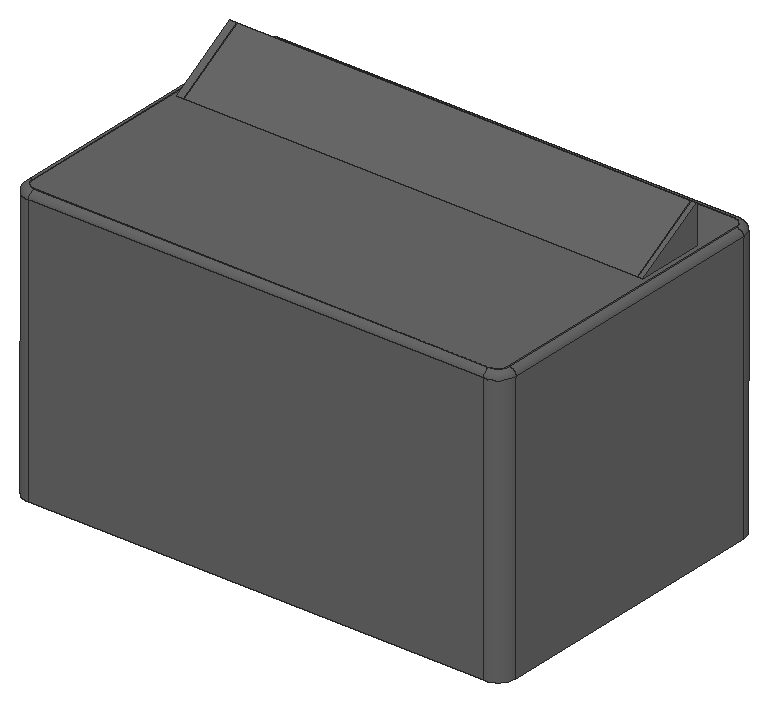
Revit family "Domotics-DomesticRanges-GEWISS-SYSTEM_CLIMATE-BADGE", category Apparecchi elettrici, host Superficie, Revit 2016
Family settings
  Host = Superficie
  Mantenere orientamento annotazione = Sì
  Tipo di parte = Normale
  Quota connettore circolare = Usa diametro
  Taglio con vuoti quando caricato = No
  Condiviso = Sì
  Punto di calcolo locali = Sì
Parameters (values of type "GW21820 - BADGE-OPERATED MECH.SWITCH 3M SY/BK")
  Volt = 230 V
  Vista in pianta [instance] = yes
  Version file RFA = "19.4"
  URL = "https://www.gewiss.com/ww/en"
  Type: = ""
  Type = "Backlit 230V ac"
  Technical sheet = "https://www.gewiss.com/ww/en/search?q=GW21820"
  TIPI = System Badge 2M_GENERICO : GW21820 Interruttore badge elettromeccanico 3m nero
  Simbolo [instance] = yes
  SEO = "Badge switch"
  Realized by GEWISS S.p.A. = ""
  Default Elevation = 1219.2 mm
  Produttore = "GEWISS S.p.A."
  Offset presa [instance] = 0 mm
  Offset bidimensionale [instance] = 39 mm
  No. SYSTEM modules = "3"
  N. poli = 1
  Modello = "GW21820"
  Immagine tipo = GW21820.jpg
  IFC.TypeObject = ""
  IFC.ExportType = ""
  IFC.ExportAs = ""
  IDT = "fd40509d-d89a-4fbe-8451-8eb0a4c867b6"
  IDF = "07d50240-89e3-4f70-98c3-3c3d2f852a10"
  For badge card max. width = "54MM"
  Electrocod = "0130                "
  EAN code = "8011564129658"
  Distanza_x [instance] = 0 mm
  Distanza_effettiva_y [instance] = 100 mm
  Distanza_effettiva_x [instance] = 1000 mm - Distanza_x  # 1000 mm
  Distanza orizzontale del simbolo [instance] = 95.971 mm
  Distanza dal muro [instance] = 4.208 mm
  Descrizione = "BADGE-OPERATED MECH.SWITCH 3M SY/BK"
  Description: = "1P NO - 10A"
  Description. = "Badge switch"
  Colour = "Black"
  Catalogue Range = "SYSTEM - DOMESTIC RANGE"
  Catalogue = "DOMOTICS"
  Carico apparente = 0 VA
  COBie.Tagnumber = ""
  COBie.CreatedOn = ""
  COBie.CreatebBy = ""
  COBie.ComponentRegisterItemID = ""
  COBie.Component.TagNumber = ""
  COBie.Component.Space = ""
  COBie.Component.SerialNumber = ""
  COBie.Component.InstallationDate = ""
  COBie.Component.Description = ""
  COBie.Component.BarCode = ""
Types (2, lengths in mm): name | Type: | Technical sheet | TIPI | Modello | Immagine tipo | IDT | EAN code | Descrizione | Colour
  GW20820 - BADGE-OPERATED MECH.SWITCH 3M SY/WT | "Badge" | "https://www.gewiss.com/ww/en/search?q=GW20820" | System Badge 2M_GENERICO : GW20820 Interruttore badge elettromeccanico 3M bianco | "GW20820" | GW20820.jpg | "005b4336-2df3-41f9-8f05-41c7d8cdddb2" | "8011564081161" | "BADGE-OPERATED MECH.SWITCH 3M SY/WT" | "White"
  GW21820 - BADGE-OPERATED MECH.SWITCH 3M SY/BK | "" | "https://www.gewiss.com/ww/en/search?q=GW21820" | System Badge 2M_GENERICO : GW21820 Interruttore badge elettromeccanico 3m nero | "GW21820" | GW21820.jpg | "fd40509d-d89a-4fbe-8451-8eb0a4c867b6" | "8011564129658" | "BADGE-OPERATED MECH.SWITCH 3M SY/BK" | "Black"
Reference planes
  plane 1 "Centro (Fronte/Retro)": y = 0
  plane 2: z = 0
  plane 3 "Centro (Sinistra/Destra)": x = 0
  plane 4: x = -1000
  plane 5: x = 0
  plane 6: y = 100
  plane 7: z = 39
  plane 8: z = 0
  plane 9: z = 39
Lines and regions (mm)
  Masking region 1, visible <- "Vista in pianta"
    outline origin (0, 0, 0) x (1, 0, 0) y (0, 1, 0)
      loop
        line (34.5, 22.5) -> (-34.5, 22.5) -> (-34.5, -22.5) -> (34.5, -22.5) -> (34.5, 22.5)
      loop
        line (32.762, 4.582) -> (32.762, 13.973) -> (-32.876, 13.973) -> (-32.876, 4.582) -> (32.762, 4.582)
      loop
        line (32.412, -2.69) -> (-32.412, -2.69) -> (-32.412, -17.18) -> (32.412, -17.18) -> (32.412, -2.69)
  Masking region 2, visible <- "Vista in pianta"
    outline origin (0, 0, 0) x (1, 0, 0) y (0, 0, 1)
      loop
        line (-34.5, 0) -> (34.5, 0) -> (34.5, 39) -> (32.762, 39) -> (32.762, 44.422) -> (-32.876, 44.422) -> (-32.876, 39) -> (-34.5, 39) -> (-34.5, 0)
  Masking region 3, visible <- "Vista in pianta"
    outline origin (0, 0, 0) x (0, 1, 0) y (0, 0, 1)
      loop
        line (-22.5, 39) -> (-22.5, 0) -> (22.5, 0) -> (22.5, 39) -> (-22.5, 39)
Dimensions and locks
  plane 4 to plane 3 "Centro (Sinistra/Destra)" = 1000 mm
  "Distanza_effettiva_x": plane 4 to plane 5
  "Distanza_effettiva_y": plane 6 to plane 1 "Centro (Fronte/Retro)"
  locked: plane 9 to plane 8 at 39
  "Offset presa": plane 8 to host face
  "Offset bidimensionale": plane 7 to host face
  aligned and locked: plane 2 to host face
  aligned and locked: level to host face
  aligned and locked: plane 3 "Centro (Sinistra/Destra)" to nested 1
  aligned and locked: plane 1 "Centro (Fronte/Retro)" to nested 1
  aligned and locked: plane 5 to nested 2
  aligned and locked: nested 2 to plane 6
  aligned and locked: Masking region 2 sketch curve to nested 1  (x2)
  aligned and locked: Masking region 3 sketch curve to nested 1  (x4)
  aligned and locked: nested 1 to plane 8
  aligned and locked: plane 9 to nested 1  (x3)
  aligned and locked: plane 9 to Masking region 3
  aligned and locked: nested 1 to plane 9  (x2)
  aligned and locked: import instance to plane 7
Automatic sketch dimensions
  host sketch curve to host sketch curve = 2438.4 mm  (x2)
  Masking region 1 sketch curve to plane 3 "Centro (Sinistra/Destra)" = 34.5 mm
  plane 1 "Centro (Fronte/Retro)" to Masking region 1 sketch curve = 22.5 mm
  plane 3 "Centro (Sinistra/Destra)" to Masking region 1 sketch curve = 34.5 mm
  Masking region 1 sketch curve to plane 1 "Centro (Fronte/Retro)" = 22.5 mm
  Masking region 1 sketch curve to plane 1 "Centro (Fronte/Retro)" = 4.582 mm
  Masking region 1 sketch curve to Masking region 1 sketch curve = 1.624 mm
  Masking region 1 sketch curve to Masking region 1 sketch curve = 1.738 mm
  Masking region 1 sketch curve to Masking region 1 sketch curve = 8.527 mm
  Masking region 1 sketch curve to Masking region 1 sketch curve = 2.088 mm
  plane 1 "Centro (Fronte/Retro)" to Masking region 1 sketch curve = 2.69 mm
  Masking region 1 sketch curve to Masking region 1 sketch curve = 0.35 mm
  Masking region 1 sketch curve to Masking region 1 sketch curve = 5.32 mm
  Masking region 2 sketch curve to Masking region 2 sketch curve = 1.738 mm
  Masking region 2 sketch curve to plane 3 "Centro (Sinistra/Destra)" = 32.876 mm
  Masking region 2 sketch curve to plane 3 "Centro (Sinistra/Destra)" = 34.5 mm
  Masking region 2 sketch curve to Masking region 2 sketch curve = 39 mm
  Masking region 2 sketch curve to Masking region 2 sketch curve = 5.422 mm  (x2)
Nested families
  nested 1: "System Badge 2M_GENERICO" at (0, 0, 0), type <- "TIPI", type "GW21820 Interruttore badge elettromeccanico 3m nero", detail levels medium+fine
    with Altezza da Terra 750 mm
  nested 2: "LETTBADGE" at (0, 100, 0), Distanza dal muro <- "Distanza dal muro", SIMBOLO <- "Simbolo", visible <- "Simbolo", type "LETTBADGE"
    with SIMBOLO yes, Distanza dal muro 4.208 mm, BORDO ACCESO yes
Connectors
  electrical at (0.003, 0.007, 0), driven by "N. poli", driven by "Volt", driven by "Carico apparente"
    settings: on nested 1, index 1, voltage 230 V, apparent load 0 VA, apparent load phase1 0 VA, apparent load phase2 0 VA, apparent load phase3 0 VA, power factor 1, load classification "Altro", number of poles 1, system type 31, power factor state 1, is connector primary yes, connector utility no, sub classification motor no, connector description ""
Definition of nested family "System Badge 2M_GENERICO"
  Parameters (values of type "GW20820 Interruttore badge elettromeccanico 3M bianco")
    Lunghezza = 43 mm
    Larghezza = 79 mm
    Finitura Badge 2M = none
    Altezza da Terra [instance] = 750 mm
  Types (2): name
    GW20820 Interruttore badge elettromeccanico 3M bianco
    GW21820 Interruttore badge elettromeccanico 3m nero
  Reference planes
    plane 1 "Centro (Fronte/Retro)": y = 0
    plane 2: z = 34
    plane 3 "Centro (Sinistra/Destra)": x = 0
    plane 4: y = 5
    plane 5: z = 39
  Forms (mm)
    Extrusion 1, solid, material <- "Finitura Badge 2M"
      sketch origin (0, -769.228, 39) x (1, 0, 0) y (0, 1, 0)
        loop
          line (-33.5, 789.228) -> (-33.5, 749.228)
          arc (-33.5, 749.228) -> (-33.061, 748.167) -> (-32, 747.728) r 1.5
          line (-32, 747.728) -> (32, 747.728)
          arc (32, 747.728) -> (33.061, 748.167) -> (33.5, 749.228) r 1.5
          line (33.5, 749.228) -> (33.5, 789.228)
          arc (33.5, 789.228) -> (33.061, 790.289) -> (32, 790.728) r 1.5
          line (32, 790.728) -> (-32, 790.728)
          arc (-32, 790.728) -> (-33.061, 790.289) -> (-33.5, 789.228) r 1.5
        loop
          line (-31.901, 783.201) -> (-31.901, 773.81) -> (31.965, 773.81) -> (31.965, 783.201) -> (-31.901, 783.201)
      from 0 to -39
    Sweep 2, solid, material <- "Finitura Badge 2M"
      path origin (0, -769.228, 39) x (1, 0, 0) y (0, 1, 0)
        loop
          arc (-32.006, 790.728) -> (-33.062, 790.29) -> (-33.5, 789.234) r 1.494
          line (-33.5, 789.234) -> (-33.5, 749.223)
          arc (-33.5, 749.223) -> (-33.062, 748.166) -> (-32.005, 747.728) r 1.495
          line (-32.005, 747.728) -> (31.992, 747.728)
          arc (31.992, 747.728) -> (33.058, 748.17) -> (33.5, 749.236) r 1.508
          line (33.5, 749.236) -> (33.5, 789.274)
          arc (33.5, 789.274) -> (33.074, 790.302) -> (32.046, 790.728) r 1.454
          line (32.046, 790.728) -> (-32.006, 790.728)
      profile origin (0.02, 21.5, 39) x (0, 1, 0) y (0, 0, 1)
        loop
          line (0, 0) -> (0, -39) -> (1, -39) -> (1, -0.933)
          arc (1, -0.933) -> (0.684, -0.269) -> (0, 0) r 1.002
    Extrusion 3, solid, material <- "Finitura Badge 2M"
      sketch origin (0, -775.014, 39) x (0, 0, -1) y (0, 1, 0)
        loop
          line (-5.422, 788.987) -> (0, 779.596) -> (0, 788.987) -> (-5.422, 788.987)
      from 31.965 to 32.762
    Extrusion 4, solid, material <- "Finitura Badge 2M"
      sketch origin (0, -769.228, 39) x (0, 0, -1) y (0, 1, 0)
        loop
          line (0, 783.201) -> (-5.422, 783.201) -> (0, 773.81) -> (0, 783.201)
      from -32.876 to -31.901
    Extrusion 5, solid, material <- "Finitura Badge 2M"
      sketch origin (0, -773.196, 39) x (0, 0, -1) y (0, 1, 0)
        loop
          line (-5.422, 787.169) -> (0, 777.778) -> (0, 779.778) -> (-4.267, 787.169) -> (-5.422, 787.169)
      from -31.901 to 31.965
  Lines and regions (mm)
    model lines, detail levels fine
      curve 1: line (-31.44, -17.18, 39) -> (31.391, -17.18, 39)
      curve 2: line (-32.412, -3.676, 39) -> (-32.412, -16.208, 39)
      curve 3: line (31.38, -2.69, 39) -> (-31.426, -2.69, 39)
      curve 4: line (32.412, -16.159, 39) -> (32.412, -3.722, 39)
      curve 5: arc (-31.426, -2.69, 39) -> (-32.123, -2.979, 39) -> (-32.412, -3.676, 39) r 0.986
      curve 6: arc (-32.412, -16.208, 39) -> (-32.127, -16.895, 39) -> (-31.44, -17.18, 39) r 0.972
      curve 7: arc (31.391, -17.18, 39) -> (32.113, -16.881, 39) -> (32.412, -16.159, 39) r 1.021
      curve 8: arc (32.412, -3.722, 39) -> (32.11, -2.992, 39) -> (31.38, -2.69, 39) r 1.032
  Dimensions and locks
    plane 5 to level = 39 mm
Definition of nested family "LETTBADGE"
  Parameters (values of type "LETTBADGE")
    SIMBOLO [instance] = yes
    Distanza dal muro [instance] = 4.208 mm
    BORDO ACCESO [instance] = yes
  Reference planes
    plane 1: y = 0
    plane 2: x = 0
  Dimensions and locks
    aligned and locked: plane 2 to nested 1
    aligned and locked: plane 1 to nested 1
  Nested families
    nested 1: "LETTBADGE_BASE" at (0, 0, 0), BORDO ACCESO <- "BORDO ACCESO", visible <- "SIMBOLO", type "LETTBADGE"
      with BORDO ACCESO yes
  Definition of nested family "LETTBADGE_BASE"
    Parameters (values of type "LETTBADGE")
      TXT = "SMC"
      Distanza dal muro = 4.208 mm
      BORDO ACCESO [instance] = yes
    Reference planes
      plane 1: y = 0
      plane 2: x = 0
    Lines and regions (mm)
      detail lines, visible <- "BORDO ACCESO", not visible
        curve 1: line (-1.743, 9.208, 0) -> (2.057, 9.208, 0)
        curve 2: line (2.057, 9.208, 0) -> (2.057, 4.208, 0)
        curve 3: line (2.057, 4.208, 0) -> (-1.743, 4.208, 0)
        curve 4: line (-1.743, 4.208, 0) -> (-1.743, 9.208, 0)
        curve 5: line (-1.543, 9.008, 0) -> (1.857, 9.008, 0)
        curve 6: line (1.857, 9.008, 0) -> (1.857, 4.408, 0)
        curve 7: line (1.857, 4.408, 0) -> (-1.543, 4.408, 0)
        curve 8: line (-1.543, 4.408, 0) -> (-1.543, 9.008, 0)
      detail lines
        curve 9: line (-0.771, 0.601, 0) -> (0.771, 0.601, 0)
        curve 10: line (-0.771, 1.895, 0) -> (-0.771, 0.601, 0)
        curve 11: line (0.771, 1.895, 0) -> (-0.771, 1.895, 0)
        curve 12: line (0.771, 0.601, 0) -> (0.771, 1.895, 0)
        curve 13: line (-0.461, 1.34, 0) -> (-0.461, 1.682, 0)
        curve 14: line (-0.461, 1.682, 0) -> (0.461, 1.682, 0)
        curve 15: line (0.461, 1.682, 0) -> (0.461, 1.34, 0)
        curve 16: line (-0.461, 1.569, 0) -> (0.461, 1.569, 0)
    Text (mm)
      label "SMC" at (0.019, 0.936, 0), shows "TXT"
